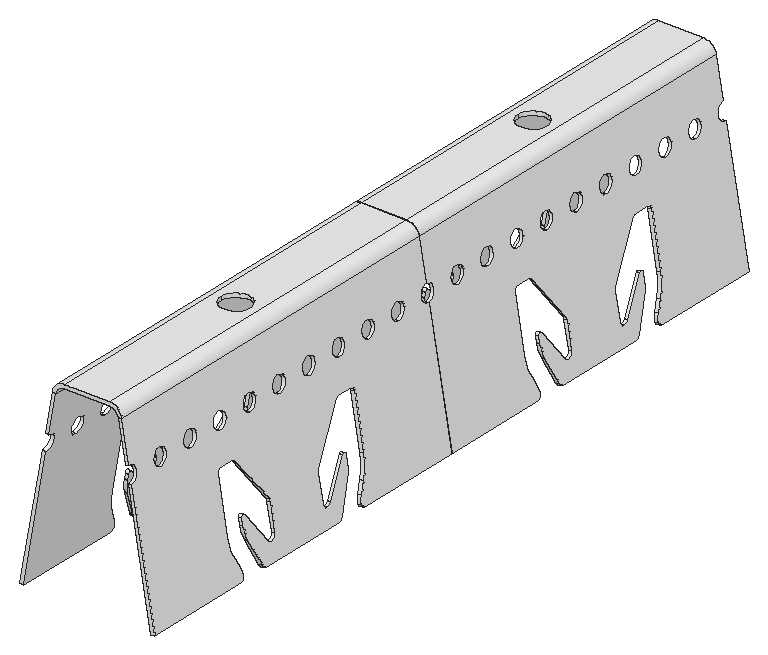
Revit family "HeartFelt-Linear-Carrier1-M100_HunterDouglasEurope", category Specialty Equipment, Revit 2016
Family settings
  Part Type = Normal
  Round Connector Dimension = Use Diameter
  OmniClass Number = 23.35.70.24.11.11.11
  OmniClass Title = Suspended Ceilings, Suspension Assembly
  Work Plane-Based = No
  Always vertical = No
  Cut with Voids When Loaded = No
  Shared = No
  Room Calculation Point = No
Parameters (values of type "HeartFelt AL Carrier1 M100_Transparent Coated")
  URL = "http://www.hunterdouglasarchitectural.eu/en-GB/ceilings/textile/heartfelt/index.jsp"
  Thickness = 0.95 mm
  System Weight (Panel1 40x55) = "3.5 kg/m²"  # constant formula
  System Openness = "60%"  # constant formula
  System Joint Width = "60mm"  # constant formula
  Substrate = "Aluminum"  # constant formula
  Subcategory = "HeartFelt® Ceilings"  # constant formula
  Product Line = "HeartFelt® Linear"  # constant formula
  Product Data = "http://assets2.hunterdouglascontract.com/documents/ceiling/Brochures/United%20Kingdom/Brochure-Heartfelt-en-UK.pdf"
  Model = "HeartFelt Carrier 1 M100"  # constant formula
  Material = Aluminum-7178_HunterDouglasEurope
  Manufacturer = "Hunter Douglas"  # constant formula
  Maintenance Instructions = "http://assets2.hunterdouglascontract.com/documents/ceiling/Brochures/_default/Cleaning-and-Maintenance-HeartFelt.pdf"
  Length [instance] = round(Carrier_actual length / 100.00 mm) * 100.00 mm  # 200.00 mm
  Instructions for Disassembly = "http://assets2.hunterdouglascontract.com/documents/ceiling/Installation%20Manuals/_default/Instructions-for-disassembly-or-component-extraction-of-HeartFelt-Linear-Felt-Ceilings.pdf"
  Instalation Instructions = "http://assets2.hunterdouglascontract.com/documents/ceiling/Installation%20Manuals/_default/Installation-Instructions-HeartFelt-EN.pdf"
  Height = 52.00 mm
  Fire rating = ""
  EN13501-1_Fire rating = "Class A2,s1,d0"  # constant formula
  Description = ""
  Colour Code = "7178"
  Carrier_length (max5000) [instance] = 200.00 mm
  Carrier_actual length [instance] = if([Carrier_length (max5000)] < 5000.00 mm, if([Carrier_length (max5000)] > 200.00 mm, [Carrier_length (max5000)], 200.00 mm), 5000.00 mm)  # 200.00 mm
  Carrier Exact Length = "4995mm"  # constant formula
  Article Code = "332080"  # constant formula
  Amount of Prongs [instance] = rounddown((Carrier_actual length - 50.00 mm) / 100.00 mm) + 1  # 2
  Alloy = "EN AW 5050"  # constant formula
Types (2, lengths in mm): name | Material | Colour Code
  HeartFelt AL Carrier1 M100_Transparent Coated | Aluminum-7178_HunterDouglasEurope | "7178"
  HeartFelt AL Carrier1 M100_Black | Aluminum-1863_HunterDouglasEurope | "1863"
Reference planes
  plane 1 "Center (Front/Back)": y = 0
  plane 2: z = 0
  plane 3 "Center (Left/Right)": x = 0
  plane 4 "Panel end": y = 150
  plane 5 "Panel start": y = -50
  plane 6: y = 0
  plane 7: y = 100
Dimensions and locks
  plane 5 "Panel start" to plane 1 "Center (Front/Back)" = 50.00 mm
  group 1 to group 2 = 0.00 mm  (x2)
  group 1 to group 2 = 100.00 mm
  plane 1 "Center (Front/Back)" to plane 7 = 100.00 mm
  "Carrier_length (max5000)": plane 4 "Panel end" to plane 5 "Panel start"
  aligned and locked: level to plane 2
  aligned and locked: plane 6 to plane 1 "Center (Front/Back)"
  aligned and locked: nested 1 to plane 5 "Panel start"
Nested families
  nested 1: "Module-100-Prong_HDE" at (0, 0, 0), type "Prong_M100"
  nested 2: "Module-100-Prong_HDE" at (0, 100, 0), type "Prong_M100"
Definition of nested family "Module-100-Prong_HDE"
  Parameters (values of type "Prong_M100")
    URL = "http://www.hunterdouglasarchitectural.eu/en-GB/ceilings/textile/heartfelt/index.jsp"
    Substrate = "Aluminum"  # constant formula
    Subcategory = "HeartFelt® Ceilings"  # constant formula
    Product Line = "HeartFelt® Linear"  # constant formula
    Model = "HeartFelt Carrier 1 M100"  # constant formula
    Material = none
    Manufacturer = "Hunter Douglas"  # constant formula
    Fire rating = ""
    Description = ""
    Colour Code = "7178"
    Article Code = "332080"  # constant formula
    Alloy = "EN AW 5050"  # constant formula
  Reference planes
    plane 1 "Center (Front/Back)": y = 0
    plane 2: z = 0
    plane 3 "Center (Left/Right)": x = 0
    plane 4 "Panel start": y = -50
    plane 5 "Right": through (18.054, -1524, 37.847) normal (-0.9848, 0, -0.1736)
    plane 6 "Left": through (-9.36, -1524, 87.149) normal (0.9848, 0, -0.1736)
    plane 7 "Panel end": y = 50
  Forms (mm)
    Extrusion 1, solid, material <- "Material"
      sketch origin (23.982, 0, 4.229) x (0.173648, 0, -0.984808) y (0, -1, 0)
        loop
          line (-34.137, 50) -> (-69, 50)
          arc (-69, 50) -> (-71.25, 47.75) -> (-73.5, 50) r 2.25
          line (-73.5, 50) -> (-84.2, 50) -> (-84.2, -50) -> (-73.5, -50)
          arc (-73.5, -50) -> (-71.25, -47.75) -> (-69, -50) r 2.25
          line (-69, -50) -> (-34.137, -50) -> (-34.137, -20.997)
          arc (-34.137, -20.997) -> (-34.403, -20.317) -> (-35.061, -20) r 1
          arc (-35.061, -20) -> (-36.061, -20.06) -> (-37.015, -20.366) r 4
          line (-37.015, -20.366) -> (-39.951, -21.735)
          arc (-39.951, -21.735) -> (-42.734, -22.68) -> (-45.656, -23) r 13.5
          line (-45.656, -23) -> (-60.137, -23)
          arc (-60.137, -23) -> (-60.844, -22.707) -> (-61.137, -22) r 1
          line (-61.137, -22) -> (-61.137, -17.818)
          arc (-61.137, -17.818) -> (-61.024, -17.356) -> (-60.71, -16.998) r 1
          line (-60.71, -16.998) -> (-48.196, -8.236)
          arc (-48.196, -8.236) -> (-47.84, -8.06) -> (-47.448, -8) r 1.305
          line (-47.448, -8) -> (-40.398, -8)
          arc (-40.398, -8) -> (-38.972, -9.046) -> (-39.54, -10.72) r 1.495
          line (-39.54, -10.72) -> (-47.924, -16.59)
          arc (-47.924, -16.59) -> (-48.114, -17.15) -> (-47.637, -17.5) r 0.5
          line (-47.637, -17.5) -> (-45.878, -17.5)
          arc (-45.878, -17.5) -> (-43.93, -17.287) -> (-42.074, -16.657) r 9
          line (-42.074, -16.657) -> (-35.003, -13.359)
          arc (-35.003, -13.359) -> (-34.372, -12.806) -> (-34.137, -12) r 1.5
          line (-34.137, -12) -> (-34.137, 12)
          arc (-34.137, 12) -> (-34.372, 12.806) -> (-35.003, 13.359) r 1.5
          line (-35.003, 13.359) -> (-42.074, 16.657)
          arc (-42.074, 16.657) -> (-43.93, 17.287) -> (-45.878, 17.5) r 9
          line (-45.878, 17.5) -> (-47.637, 17.5)
          arc (-47.637, 17.5) -> (-48.114, 17.15) -> (-47.924, 16.59) r 0.5
          line (-47.924, 16.59) -> (-39.54, 10.72)
          arc (-39.54, 10.72) -> (-38.972, 9.046) -> (-40.398, 8) r 1.495
          line (-40.398, 8) -> (-47.448, 8)
          arc (-47.448, 8) -> (-47.84, 8.06) -> (-48.196, 8.236) r 1.305
          line (-48.196, 8.236) -> (-60.71, 16.998)
          arc (-60.71, 16.998) -> (-61.024, 17.356) -> (-61.137, 17.818) r 1
          line (-61.137, 17.818) -> (-61.137, 22)
          arc (-61.137, 22) -> (-60.844, 22.707) -> (-60.137, 23) r 1
          line (-60.137, 23) -> (-45.656, 23)
          arc (-45.656, 23) -> (-42.734, 22.68) -> (-39.951, 21.735) r 13.5
          line (-39.951, 21.735) -> (-37.015, 20.366)
          arc (-37.015, 20.366) -> (-36.061, 20.06) -> (-35.061, 20) r 4
          arc (-35.061, 20) -> (-34.403, 20.317) -> (-34.137, 20.997) r 1
          line (-34.137, 20.997) -> (-34.137, 50)
        loop
          circle (-71.25, 20) r 2.25
        loop
          circle (-71.25, 10) r 2.25
        loop
          circle (-71.25, 0) r 2.25
        loop
          circle (-71.25, -10) r 2.25
        loop
          circle (-71.25, -20) r 2.25
        loop
          circle (-71.25, 30) r 2.25
        loop
          circle (-71.25, -30) r 2.25
        loop
          circle (-71.25, 40) r 2.25
        loop
          circle (-71.25, -40) r 2.25
      from 0.95 to 0
    Extrusion 2, solid, material <- "Material"
      sketch origin (-23.982, 0, 4.229) x (0.173648, 0, 0.984808) y (0, -1, 0)
        loop
          line (84.2, 50) -> (73.5, 50)
          arc (73.5, 50) -> (71.25, 47.75) -> (69, 50) r 2.25
          line (69, 50) -> (34.137, 50) -> (34.137, 21)
          arc (34.137, 21) -> (34.43, 20.293) -> (35.137, 20) r 1
          arc (35.137, 20) -> (36.102, 20.07) -> (37.023, 20.37) r 4
          line (37.023, 20.37) -> (39.951, 21.735)
          arc (39.951, 21.735) -> (42.734, 22.68) -> (45.656, 23) r 13.5
          line (45.656, 23) -> (60.137, 23)
          arc (60.137, 23) -> (60.844, 22.707) -> (61.137, 22) r 1
          line (61.137, 22) -> (61.137, 17.818)
          arc (61.137, 17.818) -> (61.024, 17.356) -> (60.71, 16.998) r 1
          line (60.71, 16.998) -> (48.195, 8.235)
          arc (48.195, 8.235) -> (47.84, 8.06) -> (47.449, 8) r 1.3
          line (47.449, 8) -> (40.413, 8)
          arc (40.413, 8) -> (38.982, 9.049) -> (39.552, 10.729) r 1.5
          line (39.552, 10.729) -> (47.924, 16.59)
          arc (47.924, 16.59) -> (48.114, 17.15) -> (47.637, 17.5) r 0.5
          line (47.637, 17.5) -> (45.878, 17.5)
          arc (45.878, 17.5) -> (43.93, 17.287) -> (42.074, 16.657) r 9
          line (42.074, 16.657) -> (35.003, 13.359)
          arc (35.003, 13.359) -> (34.372, 12.806) -> (34.137, 12) r 1.5
          line (34.137, 12) -> (34.137, -12)
          arc (34.137, -12) -> (34.372, -12.806) -> (35.003, -13.359) r 1.5
          line (35.003, -13.359) -> (42.074, -16.657)
          arc (42.074, -16.657) -> (43.93, -17.287) -> (45.878, -17.5) r 9
          line (45.878, -17.5) -> (47.637, -17.5)
          arc (47.637, -17.5) -> (48.114, -17.15) -> (47.924, -16.59) r 0.5
          line (47.924, -16.59) -> (39.552, -10.729)
          arc (39.552, -10.729) -> (38.982, -9.049) -> (40.413, -8) r 1.5
          line (40.413, -8) -> (47.449, -8)
          arc (47.449, -8) -> (47.84, -8.06) -> (48.195, -8.235) r 1.3
          line (48.195, -8.235) -> (60.71, -16.998)
          arc (60.71, -16.998) -> (61.024, -17.356) -> (61.137, -17.818) r 1
          line (61.137, -17.818) -> (61.137, -22)
          arc (61.137, -22) -> (60.844, -22.707) -> (60.137, -23) r 1
          line (60.137, -23) -> (45.656, -23)
          arc (45.656, -23) -> (42.734, -22.68) -> (39.951, -21.735) r 13.5
          line (39.951, -21.735) -> (37.023, -20.37)
          arc (37.023, -20.37) -> (36.102, -20.07) -> (35.137, -20) r 4
          arc (35.137, -20) -> (34.43, -20.293) -> (34.137, -21) r 1
          line (34.137, -21) -> (34.137, -50) -> (69, -50)
          arc (69, -50) -> (71.25, -47.75) -> (73.5, -50) r 2.25
          line (73.5, -50) -> (84.2, -50) -> (84.2, 50)
        loop
          circle (71.25, -20) r 2.25
        loop
          circle (71.25, -10) r 2.25
        loop
          circle (71.25, 0) r 2.25
        loop
          circle (71.25, 10) r 2.25
        loop
          circle (71.25, 20) r 2.25
        loop
          circle (71.25, -30) r 2.25
        loop
          circle (71.25, 30) r 2.25
        loop
          circle (71.25, -40) r 2.25
        loop
          circle (71.25, 40) r 2.25
      from 0 to 0.95
    Extrusion 3, solid, material <- "Material"
      sketch origin (0, 0, 0) x (1, 0, 0) y (0, 0, 1)
        loop
          line (5.963, 90) -> (-5.963, 90)
          arc (-5.963, 90) -> (-8.18, 89.193) -> (-9.36, 87.149) r 3.45
          line (-9.36, 87.149) -> (-8.425, 86.984)
          arc (-8.425, 86.984) -> (-7.57, 88.465) -> (-5.963, 89.05) r 2.5
          line (-5.963, 89.05) -> (5.963, 89.05)
          arc (5.963, 89.05) -> (7.57, 88.465) -> (8.425, 86.984) r 2.5
          line (8.425, 86.984) -> (9.36, 87.149)
          arc (9.36, 87.149) -> (8.18, 89.193) -> (5.963, 90) r 3.45
      from 50 to -50
    Extrusion 4, void
      sketch origin (0, 0, 0) x (1, 0, 0) y (0, 1, 0)
        loop
          circle (0, 0) r 4
      from 90.5 to 88.5
  Cuts and joins
    Extrusion 4 cuts Extrusion 3
  Dimensions and locks
    plane 4 "Panel start" to plane 1 "Center (Front/Back)" = 50.00 mm
    plane 4 "Panel start" to plane 1 "Center (Front/Back)" to plane 7 "Panel end" = 50.00 mm, 50.00 mm
    aligned and locked: level to plane 2
    aligned and locked: Extrusion 1 to plane 4 "Panel start"
    aligned and locked: cut or joined group of Extrusion 3, Extrusion 4 to plane 4 "Panel start"
    aligned and locked: Extrusion 2 to plane 4 "Panel start"
    aligned and locked: plane 7 "Panel end" to Extrusion 1
    aligned and locked: plane 7 "Panel end" to cut or joined group of Extrusion 3, Extrusion 4
    aligned and locked: plane 7 "Panel end" to Extrusion 2
